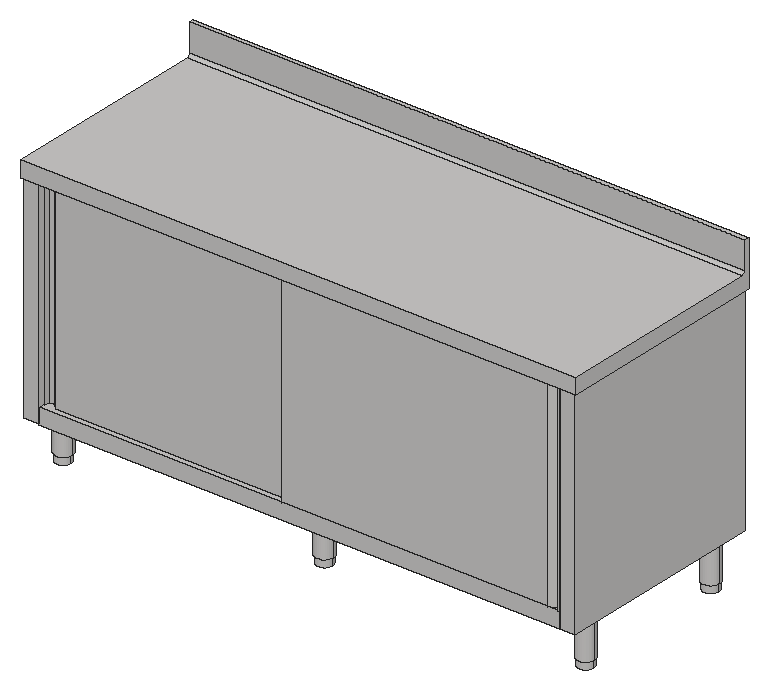
Revit family "QF_ZANUSSI_132780_MTN1810PN", category Attrezzature speciali, Revit 2020
Family settings
  Quota connettore circolare = Usa diametro
  Tipo di parte = Normale
  Basato su piano di lavoro = No
  Sempre verticale = Sì
  Taglio con vuoti quando caricato = No
  Condiviso = No
  Punto di calcolo locali = No
Parameters (values of type "Standard")
  Weight = 70.00 kg
  Watts = 0 W
  Volts = 0 V
  URL Manufacturer = "http://www.zanussiprofessional.com"
  URL = "http://www.zanussiprofessional.com"
  Steam Supply Size = 0 mm
  Steam Supply Minimum Pressure = 0.0 Pa
  Steam Supply Maximum Pressure = 0.0 Pa
  Steam Consumption per Hour = 0
  Refrigeration Suction Line Size = 0.0 mm
  Refrigeration Liquid Line Size = 0.0 mm
  Refrigerant Compressor Remote = yes
  Prospetto di default = 0.0 mm
  Produttore = "Zanussi"
  Phase = 0
  Modello = "MTN1810PN"
  Length Actual = 1800.0 mm  # constant formula
  Item Number = "132780"
  Hot Water Size = 0 mm
  Height Actual = 1000.0 mm  # constant formula
  HP = "0 HP"
  Gas Size = 0 mm
  Gas KW = 0
  Gas Input Pressure = 0 W
  Direct Waste Size = 0 mm
  Descrizione = "WORKTOP CUPB+UPST+SHELF+SLIDING D.1800MM"
  Depth Actual = 700.0 mm  # constant formula
  Cycle = 0 Hz
  Condensate Return Size = 0 mm
  Compressed Air Volume = 0.0 L/s
  Compressed Air Size = 0 mm
  Compressed Air Pressure = 0.0 Pa
  Cold Water Size = 0 mm
  Accessory = yes
Reference planes
  plane 1 "Center (Front/Back)": y = 0
  plane 2: z = 0
  plane 3 "Center (Left/Right)": x = -400
  plane 4 "LEFT": x = -1300
  plane 5 "RIGHT": x = 500
  plane 6 "BACK": y = 350
  plane 7 "FRONT": y = -350
  plane 8 "Base": z = 850
  plane 9 "TOP": z = 900
  plane 10: x = -1246.9
  plane 11: x = 446.9
  plane 12: y = 264.5
  plane 13: y = -241.9
  plane 14 "BodyLeft": x = -1294.5
  plane 15 "BodyFront": y = -344.5
  plane 16 "BodyRight": x = 494.5
  plane 17 "BodyBack": y = 344.5
  plane 18 "FEET": z = 150
  plane 19: x = -344.5
  plane 20: x = -455.5
Forms (mm)
  Extrusion 1, solid, material "QF_Finishes_Stainless Steel"
    sketch origin (-400, 0, 0) x (0, 1, 0) y (0, 0, 1)
      loop
        line (-350, 850) -> (350, 850) -> (350, 1000) -> (337, 1000) -> (337, 910)
        arc (337, 910) -> (334.071, 902.929) -> (327, 900) r 10
        line (327, 900) -> (-350, 900) -> (-350, 850)
    from 900 to -900
  Extrusion 2, solid, material "QF_Finishes_Stainless Steel"
    sketch origin (0, 0, 150) x (-1, 0, 0) y (0, -1, 0)
      loop
        line (1294.5, -344.5) -> (1294.5, 344.5) -> (1244.5, 344.5) -> (1244.5, -344.5) -> (1294.5, -344.5)
      loop
        line (-444.5, -344.5) -> (-444.5, 344.5) -> (-494.5, 344.5) -> (-494.5, -344.5) -> (-444.5, -344.5)
    from 0 to 700
  Extrusion 3, solid, material "QF_Finishes_Stainless Steel"
    sketch origin (0, 0, 150) x (-1, 0, 0) y (0, -1, 0)
      loop
        line (1243.585, -344.5) -> (1243.585, 344.5) -> (-444.5, 344.5) -> (-444.5, -344.5) -> (1243.585, -344.5)
    from 0 to 50
  Extrusion 4, solid, material "QF_Finishes_Stainless Steel"
    sketch origin (0, 0, 150) x (-1, 0, 0) y (0, -1, 0)
      loop
        line (1243.585, -344.5) -> (1243.585, -294.5) -> (-444.5, -294.5) -> (-444.5, -344.5) -> (1243.585, -344.5)
    from 50 to 700
  Extrusion 5, solid, material "QF_Finishes_Stainless Steel"
    sketch origin (0, 0, 150) x (-1, 0, 0) y (0, -1, 0)
      loop
        line (-444.5, 344.5) -> (-444.5, 324.5) -> (455.5, 324.5) -> (455.5, 344.5) -> (-404.5, 344.5) -> (-424.5, 329.5) -> (-439.5, 329.5) -> (-439.5, 344.5) -> (-444.5, 344.5)
    from 50 to 700
  Extrusion 6, solid, material "QF_Finishes_Stainless Steel"
    sketch origin (0, 20, 150) x (1, 0, 0) y (0, 1, 0)
      loop
        line (-1244.5, -344.5) -> (-1239.5, -344.5) -> (-1239.5, -329.5) -> (-1224.5, -329.5) -> (-1204.5, -344.5) -> (-344.5, -344.5) -> (-344.5, -324.5) -> (-1244.5, -324.5) -> (-1244.5, -344.5)
    from 50 to 700
Lines and regions (mm)
  symbolic lines
    curve 1: line (500, 350, 900) -> (-1300, 350, 900)
    curve 2: line (-1300, 350, 900) -> (-1300, -350, 900)
    curve 3: line (-1300, -350, 900) -> (500, -350, 900)
    curve 4: line (500, -350, 900) -> (500, 350, 900)
    curve 5: line (-1300, 337, 900) -> (500, 337, 900)
  symbolic lines, style "SpecialityEquipmentHiddenLines"
    curve 6: line (-1294.5, -344.5, 150) -> (-1294.5, 344.5, 150)
    curve 7: line (-1294.5, 344.5, 150) -> (494.5, 344.5, 150)
    curve 8: line (494.5, 344.5, 150) -> (494.5, -344.5, 150)
    curve 9: line (494.5, -344.5, 150) -> (-1294.5, -344.5, 150)
    curve 10: line (-1244.5, -304.5, 150) -> (-344.5, -304.5, 150)
    curve 11: line (-344.5, -304.5, 150) -> (-344.5, -324.5, 150)
    curve 12: line (444.5, -324.5, 150) -> (-1244.5, -324.5, 150)
    curve 13: line (-1244.5, -324.5, 150) -> (-1244.5, -304.5, 150)
    curve 14: line (-455.5, -344.5, 150) -> (-455.5, -324.5, 150)
Dimensions and locks
  plane 4 "LEFT" to plane 5 "RIGHT" = 1800.0 mm
  equal spacing: plane 4 "LEFT", plane 3 "Center (Left/Right)", plane 5 "RIGHT"
  locked: plane 8 "Base" to level at 850
  locked: Extrusion 1 to level at 1000
  plane 9 "TOP" to level = 900.0 mm
  plane 6 "BACK" to plane 7 "FRONT" = 700.0 mm
  equal spacing: plane 6 "BACK", plane 1 "Center (Front/Back)", plane 7 "FRONT"
  locked: plane 4 "LEFT" to plane 14 "BodyLeft" at 5.5
  locked: plane 16 "BodyRight" to plane 5 "RIGHT" at 5.5
  locked: plane 15 "BodyFront" to plane 7 "FRONT" at 5.5
  locked: plane 6 "BACK" to plane 17 "BodyBack" at 5.5
  locked: plane 14 "BodyLeft" to plane 10 at 47.6
  locked: plane 11 to plane 16 "BodyRight" at 47.6
  locked: plane 13 to plane 15 "BodyFront" at 102.6
  locked: plane 17 "BodyBack" to plane 12 at 80
  plane 10 to plane 11 = 1693.8 mm
  plane 12 to plane 13 = 506.4 mm
  locked: plane 14 "BodyLeft" to Extrusion 2 sketch curve at 50
  locked: Extrusion 2 sketch curve to Extrusion 2 sketch curve at 50
  Extrusion 3 to Extrusion 4 sketch curve = 50.0 mm
  Extrusion 2 to plane 19 = 900.0 mm
  plane 20 to Extrusion 2 = 900.0 mm
  locked: plane 18 "FEET" to level at 150
  aligned and locked: level to plane 2
  aligned and locked: plane 10 to nested 1
  aligned and locked: nested 1 to plane 13
  aligned and locked: plane 11 to nested 2
  aligned and locked: nested 2 to plane 13
  aligned and locked: plane 11 to nested 4
  aligned and locked: nested 4 to plane 12
  aligned and locked: plane 10 to nested 3
  aligned and locked: nested 3 to plane 12
  aligned and locked: Extrusion 1 to plane 4 "LEFT"
  aligned and locked: plane 5 "RIGHT" to Extrusion 1
  aligned and locked: curve 2 to plane 4 "LEFT"
  aligned and locked: plane 17 "BodyBack" to Extrusion 2 sketch curve
  aligned and locked: Extrusion 2 sketch curve to plane 15 "BodyFront"
  aligned and locked: Extrusion 2 sketch curve to plane 14 "BodyLeft"
  aligned and locked: plane 16 "BodyRight" to Extrusion 2 sketch curve
  aligned and locked: Extrusion 2 sketch curve to plane 17 "BodyBack"
  aligned and locked: plane 15 "BodyFront" to Extrusion 2 sketch curve
  aligned and locked: Extrusion 3 sketch curve to plane 17 "BodyBack"
  aligned and locked: plane 15 "BodyFront" to Extrusion 3 sketch curve
  aligned and locked: plane 8 "Base" to Extrusion 2
  aligned and locked: plane 8 "Base" to Extrusion 5
  aligned and locked: Extrusion 5 to Extrusion 3
  aligned and locked: Extrusion 6 sketch curve to plane 19
  aligned and locked: Extrusion 5 sketch curve to plane 20
  aligned and locked: curve 7 to plane 17 "BodyBack"
  aligned and locked: Extrusion 2 to plane 14 "BodyLeft"
  aligned and locked: plane 16 "BodyRight" to curve 8
  aligned and locked: plane 15 "BodyFront" to curve 9
  aligned and locked: plane 3 "Center (Left/Right)" to nested 5
  aligned and locked: plane 3 "Center (Left/Right)" to nested 6
Automatic sketch dimensions
  curve 3 to plane 7 "FRONT" = 0.0 mm
  curve 5 to plane 5 "RIGHT" = 0.0 mm
  curve 4 to plane 6 "BACK" = 0.0 mm
  curve 5 to plane 17 "BodyBack" = 7.5 mm
  Extrusion 1 sketch curve to plane 7 "FRONT" = 0.0 mm
  Extrusion 1 sketch curve to plane 9 "TOP" = 0.0 mm
  Extrusion 1 sketch curve to plane 6 "BACK" = 0.0 mm
  Extrusion 1 sketch curve to plane 8 "Base" = 0.0 mm
  Extrusion 1 sketch curve to plane 17 "BodyBack" = 17.5 mm
  Extrusion 1 sketch curve to plane 17 "BodyBack" = 7.5 mm
  Extrusion 1 sketch curve to Extrusion 1 sketch curve = 90.0 mm
  Extrusion 5 sketch curve to plane 15 "BodyFront" = 0.0 mm  (x2)
  Extrusion 5 sketch curve to plane 11 = 2.4 mm
  Extrusion 5 sketch curve to Extrusion 5 sketch curve = 5.0 mm
  Extrusion 5 sketch curve to Extrusion 5 sketch curve = 15.0 mm
  Extrusion 5 sketch curve to Extrusion 5 sketch curve = 20.0 mm
  plane 15 "BodyFront" to Extrusion 5 sketch curve = 15.0 mm
  plane 15 "BodyFront" to Extrusion 5 sketch curve = 20.0 mm
  Extrusion 6 sketch curve to plane 15 "BodyFront" = 20.0 mm  (x2)
  Extrusion 6 sketch curve to plane 10 = 2.4 mm
  Extrusion 6 sketch curve to Extrusion 6 sketch curve = 5.0 mm
  Extrusion 6 sketch curve to Extrusion 6 sketch curve = 15.0 mm
  Extrusion 6 sketch curve to Extrusion 6 sketch curve = 20.0 mm  (x2)
  Extrusion 6 sketch curve to plane 15 "BodyFront" = 35.0 mm
  Extrusion 3 sketch curve to plane 11 = 2.4 mm
  plane 10 to Extrusion 3 sketch curve = 3.315 mm
  Extrusion 4 sketch curve to plane 11 = 2.4 mm
  plane 10 to Extrusion 4 sketch curve = 3.315 mm
  curve 10 to plane 19 = 0.0 mm
  curve 14 to plane 20 = 0.0 mm
  curve 7 to plane 14 "BodyLeft" = 0.0 mm
  plane 10 to curve 13 = 2.4 mm
  curve 10 to curve 13 = 20.0 mm
  curve 12 to plane 11 = 2.4 mm
  plane 15 "BodyFront" to curve 14 = 20.0 mm
Nested families
  nested 1: "FEET_D58-150" at (-1246.9, -241.9, 0), type "FEET_D58-150"
  nested 2: "FEET_D58-150" at (446.9, -241.9, 0), type "FEET_D58-150"
  nested 3: "FEET_D58-150" at (-1246.9, 264.5, 0), type "FEET_D58-150"
  nested 4: "FEET_D58-150" at (446.9, 264.5, 0), type "FEET_D58-150"
  nested 5: "FEET_D58-150" at (-400, -241.9, 0), type "FEET_D58-150"
  nested 6: "FEET_D58-150" at (-400, 264.5, 0), type "FEET_D58-150"
Definition of nested family "FEET_D58-150"
  Parameters
    Default Elevation = 0.0 mm
    FEET = 150.0 mm
  Reference planes
    plane 1 "Center (Front/Back)": y = 0
    plane 2: z = 0
    plane 3 "Center (Left/Right)": x = 0
    plane 4: z = 150
  Forms (mm)
    Extrusion 1, solid
      sketch origin (0, 0, 0) x (1, 0, 0) y (0, 1, 0)
        loop
          circle (0, 0) r 25
      from 0 to 25
    Extrusion 2, solid
      sketch origin (0, 0, 0) x (1, 0, 0) y (0, 1, 0)
        loop
          circle (0.061, 0) r 29
      from 25 to 150 <- "FEET"
  Lines and regions (mm)
    symbolic lines
      curve 1: line (0, -1.503, 0) -> (0, 1.508, 0)
      curve 2: line (1.561, 0, 0) -> (-1.439, 0, 0)
  Dimensions and locks
    "FEET": plane 4 to plane 2
    aligned and locked: level to plane 2
  Automatic sketch dimensions
    plane 1 "Center (Front/Back)" to Extrusion 1 sketch curve = 0.0 mm
    Extrusion 1 sketch curve to plane 3 "Center (Left/Right)" = 0.0 mm
    plane 1 "Center (Front/Back)" to curve 2 = 0.0 mm
    curve 1 to plane 3 "Center (Left/Right)" = 0.0 mm
    curve 2 to plane 3 "Center (Left/Right)" = 1.439 mm
    plane 3 "Center (Left/Right)" to curve 2 = 1.561 mm
    plane 1 "Center (Front/Back)" to curve 1 = 1.503 mm
    curve 1 to plane 1 "Center (Front/Back)" = 1.508 mm
    plane 1 "Center (Front/Back)" to Extrusion 2 sketch curve = 0.0 mm
    plane 3 "Center (Left/Right)" to Extrusion 2 sketch curve = 0.061 mm
    radius of Extrusion 1 sketch curve = 25.0 mm
    radius of Extrusion 2 sketch curve = 29.0 mm
